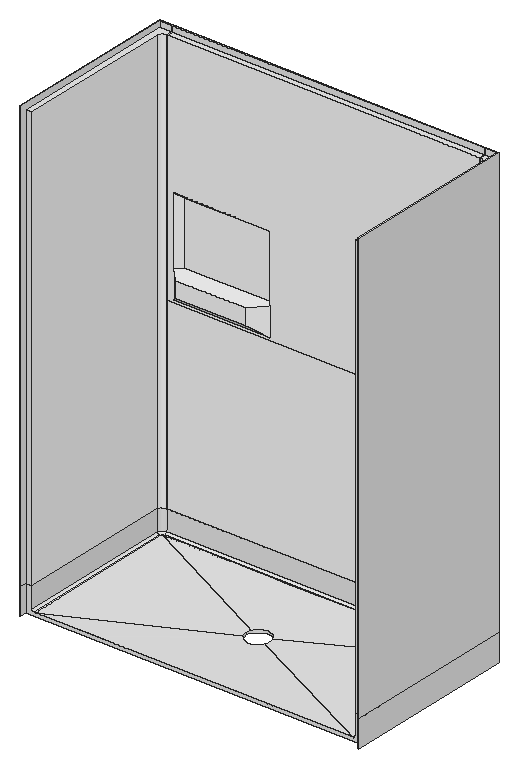
Revit family "5LDS6030B75T,B17T,B75B,B17B", category Plumbing Fixtures, Revit 2014
Parameters (values of type "5LDS6030B75T")
  Unit Width = 5' - 0"
  Unit Height = 6' - 9"
  URL = "http://www.best-bath.com/"
  Type Comments = "Barrier Free"
  Threshold Height = 0' - 0 3/4"
  Model = "5LDS6030B75T"
  Material [instance] = Best Bath Gelcoat Fiberglass - Diamond Tile
  Manufacturer = "Best Bath Systems, Inc."
  Keynote = "22 40 00.B3"
  Description = "Diamond Tile, Traditional Bull Nose Threshold"
  Assembly Code = "D2010710"
Types (5): name | Unit Height | Threshold Height | Model | Description
  (no name) | 6' - 9" | 0' - 0 3/4" | "5LDS6030B75T" | "Diamond Tile, Traditional Bull Nose Threshold"
  5LDS6030B75B | 6' - 9" | 0' - 0 3/4" | "5LDS6030B75B" | "Diamond Tile, Beveled Threshold"
  5LDS6030B15B | 6' - 9 3/4" | 0' - 1 1/2" | "5LDS6030B15B" | "Diamond Tile, Beveled Threshold"
  5LDS6030B75T | 6' - 9" | 0' - 0 3/4" | "5LDS6030B75T" | "Diamond Tile, Traditional Bull Nose Threshold"
  5LDS6030B15T | 6' - 9 3/4" | 0' - 1 1/2" | "5LDS6030B15T" | "Diamond Tile, Traditionals Bull Nose Threshold"
Reference planes (in)
  plane 1: z = 0
  plane 2 "Left": x = 0
  plane 3: z = 80
  plane 4: z = 81
  plane 5: y = 6.36165
  plane 6: y = 36.36165
  plane 7: x = 60
  plane 8: y = 35.11165
  plane 9: y = 20.61165
  plane 10: x = 30
  plane 11: z = 0.375
  plane 12: z = 0.75
  plane 13: z = 37.875
  plane 14: z = 4.75
  plane 15: y = 5.36165
  plane 16: z = 43.375
Forms (in)
  Extrusion 1, solid, material "Best Bath Gelcoat Fiberglass - Smooth"
    sketch origin (0, 0, 0) x (1, 0, 0) y (0, 1, 0)
      loop
        line (0, 6.36165) -> (60, 6.36165) -> (60, 36.36165) -> (0, 36.36165) -> (0, 6.36165)
      loop
        circle (30, 20.61165) r 2.125
    from 0 to 0.75
  Extrusion 2, solid, material "Best Bath Gelcoat Fiberglass - Smooth"
    sketch origin (0, 0, 0) x (1, 0, 0) y (0, 1, 0)
      loop
        line (2.25, 36.36165) -> (2.25, 35.11165) -> (57.75, 35.11165) -> (57.75, 36.36165) -> (2.25, 36.36165)
    from 4.75 to 37.875
  Blend 3, void
    base sketch origin (0, 0, 0) x (1, 0, 0) y (0, 1, 0)
      loop
        line (1.875, 6.36165) -> (58.125, 6.36165) -> (58.125, 34.48665) -> (1.875, 34.48665) -> (1.875, 6.36165)
    top sketch origin (0, 0, 0) x (1, 0, 0) y (0, 1, 0)
      loop
        circle (30, 20.61165) r 0.07952
    from 0.75 to 0.375
  Extrusion 4, solid, material "Best Bath Gelcoat Fiberglass - Smooth"
    sketch origin (0, 0, 0) x (1, 0, 0) y (0, 1, 0)
      loop
        line (2.25, 36.36165) -> (2.25, 35.11165) -> (57.75, 35.11165) -> (57.75, 36.36165) -> (2.25, 36.36165)
    from 37.875 to 80
  Extrusion 5, solid, material "Best Bath Gelcoat Fiberglass - Smooth"
    sketch origin (0.25, 0, 0) x (1, 0, 0) y (0, 1, 0)
      loop
        line (-0.25, 6.36165) -> (1, 6.36165) -> (1, 34.11165)
        arc (1, 34.11165) -> (1.29289, 34.81875) -> (2, 35.11165) r 1
        line (2, 35.11165) -> (2, 36.36165) -> (-0.25, 36.36165) -> (-0.25, 6.36165)
      loop
        line (59.75, 6.36165) -> (59.75, 36.36165) -> (57.5, 36.36165) -> (57.5, 35.11165)
        arc (57.5, 35.11165) -> (58.20711, 34.81875) -> (58.5, 34.11165) r 1
        line (58.5, 34.11165) -> (58.5, 6.36165) -> (59.75, 6.36165)
    from 4.75 to 80
  Extrusion 6, solid, material "Best Bath Gelcoat Fiberglass - Smooth"
    sketch origin (0, 0, 0) x (1, 0, 0) y (0, 1, 0)
      loop
        line (0, 36.36165) -> (0, 6.36165) -> (1.25, 6.36165) -> (1.25, 34.11165)
        arc (1.25, 34.11165) -> (1.54289, 34.81875) -> (2.25, 35.11165) r 1
        line (2.25, 35.11165) -> (57.75, 35.11165)
        arc (57.75, 35.11165) -> (58.45711, 34.81875) -> (58.75, 34.11165) r 1
        line (58.75, 34.11165) -> (58.75, 6.36165) -> (60, 6.36165) -> (60, 35.11165) -> (60, 36.36165) -> (0, 36.36165)
    from 0 to 4.75
  Sweep 7, solid, material "Best Bath Gelcoat Fiberglass - Smooth"
    path origin (0, 0, 0) x (1, 0, 0) y (0, 1, 0)
      loop
        line (1.25, 6.36165) -> (1.25, 34.11165)
        arc (1.25, 34.11165) -> (1.54289, 34.81875) -> (2.25, 35.11165) r 1
        line (2.25, 35.11165) -> (57.75, 35.11165)
        arc (57.75, 35.11165) -> (58.45711, 34.81875) -> (58.75, 34.11165) r 1
        line (58.75, 34.11165) -> (58.75, 6.36165)
    profile origin (1.25, 20.23665, 0) x (-1, 0, 0) y (0, 0, 1)
      loop
        line (0, 0.75) -> (0, 1.125)
        arc (0, 1.125) -> (-0.10983, 0.85983) -> (-0.375, 0.75) r 0.375
        line (-0.375, 0.75) -> (0, 0.75)
  Extrusion 8, solid, material "Best Bath Gelcoat Fiberglass - Smooth"
    sketch origin (0, 0, 0) x (1, 0, 0) y (0, 1, 0)
      loop
        line (0, 5.36165) -> (0.125, 5.36165) -> (0.125, 6.36165) -> (0, 6.36165) -> (0, 5.36165)
      loop
        line (60, 5.36165) -> (60, 6.36165) -> (59.875, 6.36165) -> (59.875, 5.36165) -> (60, 5.36165)
    from 0 to 4.75
  Extrusion 9, solid, material "Best Bath Gelcoat Fiberglass - Smooth"
    sketch origin (0, 0, 0) x (1, 0, 0) y (0, 1, 0)
      loop
        line (2.25, 36.36165) -> (2.25, 36.23665) -> (57.75, 36.23665) -> (57.75, 36.36165) -> (2.25, 36.36165)
    from 80 to 81
  Extrusion 10, solid, material "Best Bath Gelcoat Fiberglass - Smooth"
    sketch origin (0, 0, 0) x (1, 0, 0) y (0, 1, 0)
      loop
        line (0.125, 5.36165) -> (0.125, 36.23665) -> (2.25, 36.23665) -> (2.25, 36.36165) -> (0, 36.36165) -> (0, 5.36165) -> (0.125, 5.36165)
      loop
        line (59.875, 5.36165) -> (60, 5.36165) -> (60, 36.36165) -> (57.75, 36.36165) -> (57.75, 36.23665) -> (59.875, 36.23665) -> (59.875, 5.36165)
    from 4.75 to 81
  Blend 11, solid, material "Best Bath Gelcoat Fiberglass - Smooth"
    base sketch origin (1.5, -38.5, 0) x (1, 0, 0) y (0, 0, 1)
      loop
        line (38, 43.375) -> (38, 38.375) -> (55, 38.375) -> (55, 43.375) -> (38, 43.375)
    top sketch origin (1.5, -38.5, 0) x (1, 0, 0) y (0, 0, 1)
      loop
        line (40.375, 43.375) -> (40.375, 40.4375) -> (52.625, 40.4375) -> (52.625, 43.375) -> (40.375, 43.375)
    from -73.61165 to -71.11165
  Blend 12, solid, material "Best Bath Gelcoat Fiberglass - Smooth"
    base sketch origin (-34.5, -38.5, 0) x (1, 0, 0) y (0, 0, 1)
      loop
        line (38, 43.375) -> (38, 38.375) -> (55, 38.375) -> (55, 43.375) -> (38, 43.375)
    top sketch origin (-34.5, -38.5, 0) x (1, 0, 0) y (0, 0, 1)
      loop
        line (40.375, 43.375) -> (40.375, 40.4375) -> (52.625, 40.4375) -> (52.625, 43.375) -> (40.375, 43.375)
    from -73.61165 to -71.11165
  Blend 13, void
    base sketch origin (1.5, -38.5, 0) x (1, 0, 0) y (0, 0, 1)
      loop
        line (38, 43.375) -> (55, 43.375) -> (55, 55.375) -> (38, 55.375) -> (38, 43.375)
    top sketch origin (1.5, -38.5, 0) x (1, 0, 0) y (0, 0, 1)
      loop
        line (38.875, 43.375) -> (54.125, 43.375) -> (54.125, 54.5) -> (38.875, 54.5) -> (38.875, 43.375)
    from -73.61165 to -74.61165
  Blend 14, void
    base sketch origin (-34.5, -38.5, 0) x (1, 0, 0) y (0, 0, 1)
      loop
        line (38, 43.375) -> (55, 43.375) -> (55, 55.375) -> (38, 55.375) -> (38, 43.375)
    top sketch origin (-34.5, -38.5, 0) x (1, 0, 0) y (0, 0, 1)
      loop
        line (38.875, 43.375) -> (54.125, 43.375) -> (54.125, 54.5) -> (38.875, 54.5) -> (38.875, 43.375)
    from -73.61165 to -74.61165
Cuts and joins
  Blend 3 cuts Extrusion 1
  joined: Extrusion 1, Extrusion 6, Sweep 7, Extrusion 8
  Blend 13, Blend 14 cuts Extrusion 4
  Blend 14 cuts Extrusion 9
  joined: Extrusion 4, Extrusion 9, Blend 11, Blend 12
  joined: Extrusion 5, Extrusion 10
Dimensions and locks (in)
  locked: plane 4 to plane 3 at 1
  "Unit Height": plane 4 to level
  equal spacing: plane 2 "Left", plane 10, plane 7
  "Unit Width": plane 2 "Left" to plane 7
  locked: plane 6 to plane 8 at 1.25
  locked: plane 6 to plane 9 at 15.75
  "Threshold Height": plane 12 to level
  locked: plane 12 to plane 11 at 0.375
  locked: plane 13 to plane 14 at 33.125
  locked: plane 14 to plane 12 at 4
  locked: plane 5 to plane 15 at 1
  locked: plane 6 to plane 15 at 31
  locked: plane 16 to plane 13 at 5.5
  aligned and locked: level to plane 1
  aligned and locked: Extrusion 1 sketch curve to plane 5
  aligned and locked: Extrusion 1 sketch curve to plane 2 "Left"
  aligned and locked: plane 6 to Extrusion 1 sketch curve
  aligned and locked: Extrusion 1 sketch curve to plane 7
  aligned and locked: plane 10 to Extrusion 1 sketch curve
  aligned and locked: plane 9 to Extrusion 1 sketch curve
  aligned and locked: plane 12 to Extrusion 1
  aligned and locked: plane 9 to Blend 3 sketch curve
  aligned and locked: plane 10 to Blend 3 sketch curve
  aligned and locked: Extrusion 1 to Blend 3
  aligned and locked: Blend 3 to plane 11
  aligned and locked: plane 13 to Extrusion 2
  aligned and locked: Extrusion 4 to Extrusion 2
  aligned and locked: plane 3 to Extrusion 4
  aligned and locked: plane 3 to Extrusion 5
  aligned and locked: plane 14 to Extrusion 6
  aligned and locked: Extrusion 5 to plane 14
  aligned and locked: Extrusion 2 to plane 14
  aligned and locked: Sweep 7 sketch curve to plane 12
  aligned and locked: Extrusion 8 to Extrusion 2
  aligned and locked: Extrusion 9 to plane 3
  aligned and locked: plane 4 to Extrusion 9
  aligned and locked: Extrusion 10 to Extrusion 2
  aligned and locked: plane 4 to Extrusion 10
  aligned and locked: plane 16 to Blend 12
  aligned and locked: plane 16 to Blend 11
  aligned and locked: cut or joined group of Extrusion 4, Extrusion 9, Blend 11, Blend 12, Blend 13, Blend 14 to plane 16
  aligned and locked: Blend 13 to plane 16
Automatic sketch dimensions
  Extrusion 6 sketch curve to plane 2 "Left" = 0' - 0"
  Extrusion 6 sketch curve to plane 5 = 0' - 0"  (x2)
  Extrusion 6 sketch curve to plane 8 = 0' - 0"  (x2)
  Extrusion 6 sketch curve to plane 7 = 0' - 0"
  Extrusion 6 sketch curve to plane 6 = 0' - 0"
  Extrusion 6 sketch curve to Extrusion 6 sketch curve = 0' - 1 1/4"  (x2)
  Extrusion 6 sketch curve to Extrusion 6 sketch curve = 0' - 1"
  Extrusion 6 sketch curve to plane 8 = 0' - 1"
  Extrusion 5 sketch curve to plane 2 "Left" = 0' - 0"
  Extrusion 5 sketch curve to plane 5 = 0' - 0"  (x2)
  Extrusion 5 sketch curve to plane 6 = 0' - 0"  (x2)
  Extrusion 5 sketch curve to plane 8 = 0' - 0"  (x2)
  Extrusion 5 sketch curve to plane 7 = 0' - 0"
  Extrusion 5 sketch curve to Extrusion 5 sketch curve = 0' - 1 1/4"
  Extrusion 5 sketch curve to Extrusion 5 sketch curve = 0' - 1"
  plane 7 to Extrusion 5 sketch curve = 0' - 2 1/4"
  Extrusion 5 sketch curve to plane 8 = 0' - 1"
  Extrusion 2 sketch curve to plane 8 = 0' - 0"
  Extrusion 2 sketch curve to plane 6 = 0' - 0"
  plane 2 "Left" to Extrusion 2 sketch curve = 0' - 2 1/4"
  plane 7 to Extrusion 2 sketch curve = 0' - 2 1/4"
  Extrusion 4 sketch curve to plane 8 = 0' - 0"
  Extrusion 4 sketch curve to plane 6 = 0' - 0"
  plane 2 "Left" to Extrusion 4 sketch curve = 0' - 2 1/4"
  plane 7 to Extrusion 4 sketch curve = 0' - 2 1/4"
  Sweep 7 sketch curve to plane 5 = 0' - 0"  (x2)
  Sweep 7 sketch curve to plane 8 = 0' - 0"
  plane 2 "Left" to Sweep 7 sketch curve = 0' - 1 1/4"
  Sweep 7 sketch curve to Sweep 7 sketch curve = 0' - 1"
  Sweep 7 sketch curve to plane 8 = 0' - 1"
  plane 7 to Sweep 7 sketch curve = 0' - 2 1/4"
  Sweep 7 sketch curve to profile plane = 0' - 0"
  profile plane to Sweep 7 sketch curve = 0' - 0 3/8"
  Blend 3 sketch curve to plane 5 = 0' - 0"
  Blend 3 sketch curve to plane 8 = 0' - 0 5/8"
  plane 2 "Left" to Blend 3 sketch curve = 0' - 1 7/8"
  plane 7 to Blend 3 sketch curve = 0' - 1 7/8"
  Extrusion 8 sketch curve to plane 2 "Left" = 0' - 0"
  Extrusion 8 sketch curve to plane 5 = 0' - 0"  (x2)
  Extrusion 8 sketch curve to plane 15 = 0' - 0"  (x2)
  Extrusion 8 sketch curve to plane 7 = 0' - 0"
  plane 2 "Left" to Extrusion 8 sketch curve = 0' - 0 1/8"
  plane 7 to Extrusion 8 sketch curve = 0' - 0 1/8"
  Extrusion 9 sketch curve to plane 6 = 0' - 0"
  plane 2 "Left" to Extrusion 9 sketch curve = 0' - 2 1/4"
  plane 7 to Extrusion 9 sketch curve = 0' - 2 1/4"
  Extrusion 9 sketch curve to plane 6 = 0' - 0 1/8"
  Extrusion 10 sketch curve to plane 2 "Left" = 0' - 0"
  Extrusion 10 sketch curve to plane 15 = 0' - 0"  (x2)
  Extrusion 10 sketch curve to plane 6 = 0' - 0"  (x2)
  Extrusion 10 sketch curve to plane 7 = 0' - 0"
  plane 2 "Left" to Extrusion 10 sketch curve = 0' - 0 1/8"
  Extrusion 10 sketch curve to plane 6 = 0' - 0 1/8"  (x2)
  Extrusion 10 sketch curve to Extrusion 10 sketch curve = 0' - 2 1/8"
  plane 7 to Extrusion 10 sketch curve = 0' - 2 1/4"
  plane 7 to Extrusion 10 sketch curve = 0' - 0 1/8"
  Blend 11 sketch curve to plane 16 = 0' - 0"  (x2)
  plane 13 to Blend 11 sketch curve = 0' - 0 1/2"
  plane 10 to Blend 11 sketch curve = 0' - 9 1/2"
  plane 7 to Blend 11 sketch curve = 0' - 3 1/2"
  plane 13 to Blend 11 sketch curve = 0' - 2 9/16"
  plane 10 to Blend 11 sketch curve = 0' - 11 7/8"
  plane 7 to Blend 11 sketch curve = 0' - 5 7/8"
  Blend 12 sketch curve to plane 16 = 0' - 0"  (x2)
  plane 13 to Blend 12 sketch curve = 0' - 0 1/2"
  plane 2 "Left" to Blend 12 sketch curve = 0' - 3 1/2"
  Blend 12 sketch curve to plane 10 = 0' - 9 1/2"
  plane 13 to Blend 12 sketch curve = 0' - 2 9/16"
  plane 2 "Left" to Blend 12 sketch curve = 0' - 5 7/8"
  Blend 12 sketch curve to plane 10 = 0' - 11 7/8"
  Blend 13 sketch curve to plane 16 = 0' - 0"  (x2)
  plane 10 to Blend 13 sketch curve = 0' - 9 1/2"
  plane 7 to Blend 13 sketch curve = 0' - 3 1/2"
  plane 16 to Blend 13 sketch curve = 1' - 0"
  plane 10 to Blend 13 sketch curve = 0' - 10 3/8"
  plane 7 to Blend 13 sketch curve = 0' - 4 3/8"
  plane 16 to Blend 13 sketch curve = 0' - 11 1/8"
  plane 2 "Left" to Blend 14 sketch curve = 0' - 3 1/2"
  Blend 14 sketch curve to plane 10 = 0' - 9 1/2"
  plane 16 to Blend 14 sketch curve = 0' - 0"  (x2)
  Blend 14 sketch curve to Blend 14 sketch curve = 1' - 0"
  plane 2 "Left" to Blend 14 sketch curve = 0' - 4 3/8"
  Blend 14 sketch curve to plane 10 = 0' - 10 3/8"
  Blend 14 sketch curve to Blend 14 sketch curve = 0' - 11 1/8"
  radius of Extrusion 1 sketch curve = 0' - 2 1/8"
  radius of Blend 3 sketch curve = 0' - 0.07952"
